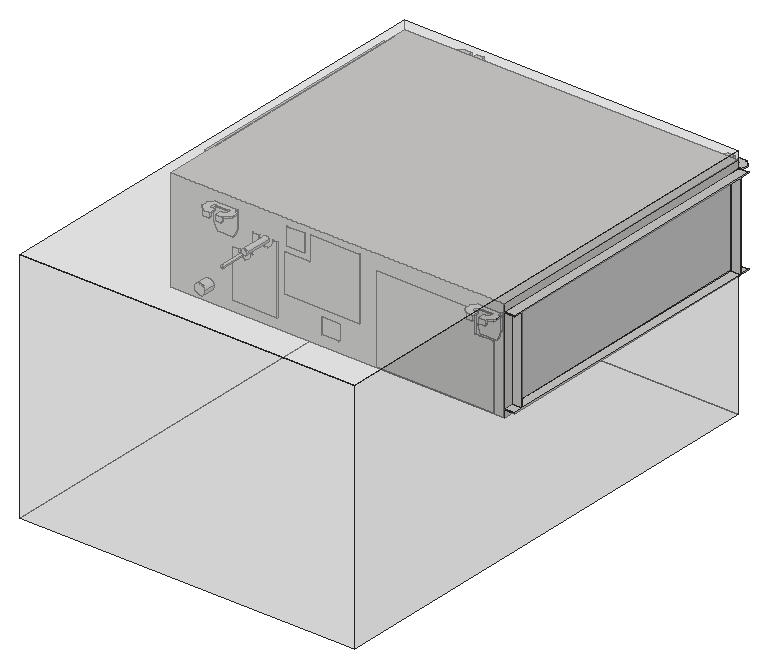
Revit family "outputfile", category 機械設備, Revit 2024
Family settings
  丸型コネクタ寸法 = 半径を使用
  パーツ タイプ = 標準
  OmniClass 番号 = 23.75.10.24.21.27.27
  OmniClass タイトル = Split System Air Conditioning Units
  作業面ベース = いいえ
  常に垂直 = はい
  ロード時にボイドで切り取り = いいえ
  注釈の向きを維持 = いいえ
  共有 = いいえ
  部屋計算ポイント = はい
Parameters (values of type "FBFC18DV2S")
  Description = ""
  製造元 = "Daikin"
  書き出し IFC クラス(タイプ) = "IfcUnitaryEquipmentType"
  定義済み IFC タイプ(タイプ) = "AIRCONDITIONINGUNIT"
  Cost = 0
  モデル = "FBFC18DV2S"
  Type Comments = ""
  Keynote = ""
  Type Image = (empty or 0)
  Assembly Code = ""
  switch_frequency = yes
  r_Liquid Pipe Size = Liquid Pipe Size / 2  # 3.2 mm
  r_Gas Pipe Size = Gas Pipe Size / 2  # 6.35 mm
  r_Drain Pipe Size = Drain Pipe Size / 2  # 12.5 mm
  lw_power = 770.0 mm  # constant formula
  lh_SA = 138.0 mm  # constant formula
  lw_SA = if(Depth = 550.0 mm, 225.0 mm, if(Depth = 700.0 mm, 300.0 mm, if(Depth = 1000.0 mm, 450.0 mm, if(Depth = 1400.0 mm, 650.0 mm, 725.0 mm))))  # 300.0 mm
  lw_RA = if(Depth = 550.0 mm, 275.0 mm, if(Depth = 700.0 mm, 349.0 mm, if(Depth = 1000.0 mm, 499.0 mm, if(Depth = 1400.0 mm, 699.0 mm, 775.0 mm))))  # 349.0 mm
  lh_power = 60.0 mm + [h***]  # 60.0 mm
  lh_mountinghole1 = lh_mountinghole + [h***]  # 222.0 mm
  lh_RA = 123.0 mm  # constant formula
  ld_power = Depth / 2  # 350.0 mm
  connector_voltage = Voltage_50Hz  # 220 V
  connector_powerinput = [Power Input (Cooling)]  # 0.000 kW
  connector_phase = Phase_50Hz  # 1
  Voltage_comment_50Hz = "220 - 240"
  Voltage_50Hz = 220 V
  URL = ""
  Supply Air Direction [instance] = yes
  Sound Power Level_H speed (dB) = 0
  Phase_50Hz = 1
  Minimum External Static Pressure = 30.00 Pa
  Minimum Circuit Amps_50Hz = 0.0 A
  Maximum Fuse Amps_50Hz = 0.0 A
  Maximum External Static Pressure = 130.00 Pa
  Material_Casing = DAIKIN_GalvanizedSteel_Casing_indoorunit
  lw_mountinghole = 630.0 mm  # constant formula
  lh_gaspipe = 183.0 mm + [h***]  # 183.0 mm
  lh_mountinghole = 222.0 mm  # constant formula
  lh_liquidpipe = 136.0 mm + [h***]  # 136.0 mm
  lh_drainpipe = 38.0 mm + [h***]  # 38.0 mm
  lh_antena = Height - lh_mountinghole + 1.0 mm  # 24.0 mm
  ld_drainpipe = Depth / 2 + 26.0 mm  # 376.0 mm
  ld_liquidpipe = Depth / 2 + 69.0 mm  # 419.0 mm
  ld_gaspipe = Depth / 2 + 65.0 mm  # 415.0 mm
  ld_mountinghole = Depth + 38.0 mm  # 738.0 mm
  h*** = 0.0 mm  # constant formula
  lw_liquidpipe = 179.0 mm  # constant formula
  lw_gaspipe = 229.0 mm  # constant formula
  lw_drainpipe = 91.0 mm  # constant formula
  Width = 800.0 mm
  Version = "ver.1.0"
  Unit Type = "M.S.P. Duct"
  Unit Mass Weight = 26.00 kg
  Unit Designation [instance] = ""
  Uniclass2015Version = "Products v1.30"
  Uniclass2015Title = "Split coil room air conditioning units"
  Uniclass2015Code = "Pr_70_65_03_86"
  Total Cooling Capacity [instance] = 0.000 kW
  Sound Pressure Level_M speed (dBA) = 35
  Sound Pressure Level_L speed (dBA) = 30
  Sound Pressure Level_H speed (dBA) = 37
  Series = "SkyAir_Fan Coil Unit"
  Sensible Cooling Capacity [instance] = 0.000 kW
  SA Duct Size Width = 492.0 mm
  SA Duct Size Height = 176.0 mm
  Refrigerant Type = "R32"
  RA Duct Size Width = 654.0 mm
  RA Duct Size Height = 208.0 mm
  Power Input (Cooling) = 0.000 kW
  Option Accessory 3 [instance] = ""
  Option Accessory 2 [instance] = ""
  Option Accessory 1 [instance] = ""
  Nominal Cooling Capacity = 5.300 kW
  Minimum Airflow = 540.00 m³/h
  Median Airflow = 720.00 m³/h
  Maximum Airflow = 930.00 m³/h
  Load Classification = HVAC
  Liquid Pipe Size = 6.4 mm
  Link_Nested Family [instance] = ""
  IfcVersion = ""
  IfcExportType = "AIRCONDITIONINGUNIT"
  IfcExportAs = "IfcUnitaryEquipmentType"
  Height = 245.0 mm
  Heat Exchanger Type = "Cross Fin Coil"
  Gas Pipe Size = 12.7 mm
  Frequency_50Hz = 50 Hz
  Fan Type = "Sirocco Fan"
  Fan Drive = "Direct Drive"
  FCU Tag No. [instance] = ""
  Drain Pipe Size = 25.0 mm
  Design Supply Airflow [instance] = 0.00 m³/h
  Design Return Airflow [instance] = 0.00 m³/h
  Design External Static Pressure [instance] = 0.00 Pa
  Depth = 700.0 mm
  既定の高さ = 0.0 mm
  Cooling Entering Wet Bulb Temperature [instance] = 0.00 °C
  Cooling Entering Dry Bulb Temperature [instance] = 0.00 °C
  Cooling Ambient Wet Bulb Temperature [instance] = 0.00 °C
  Cooling Ambient Dry Bulb Temperature [instance] = 0.00 °C
  Clearance visibility [instance] = yes
  Clearance Top = 20.0 mm
  Clearance Right = 0.0 mm
  Clearance Rear = 0.0 mm
  Clearance Left = 0.0 mm
  Clearance Front = 450.0 mm
  Clearance Bottom = 300.0 mm
Reference planes
  plane 1 "Center (Front/Back)": y = 0
  plane 2 "h": z = 0
  plane 3 "Center (Left/Right)": x = 0
  plane 4 "Back": y = 350
  plane 5 "Front": y = -350
  plane 6 "Left": x = -400
  plane 7 "Right": x = 400
  plane 8 "Top": z = 0
  plane 9 "Bottom": z = -245
  plane 10: y = -215
  plane 11: y = 350
  plane 12: y = -800
  plane 13: x = -400
  plane 14: x = 400
  plane 15: z = 20
  plane 16: z = -545
  plane 17: x = -400
  plane 18: x = -399
  plane 19: x = 399
  plane 20: y = 50
  plane 21: y = -1
  plane 22: z = -122
  plane 23: y = -351
  plane 24: z = -109
  plane 25: x = -221
  plane 26: y = -415
  plane 27: z = -62
  plane 28: x = -171
  plane 29: y = -376
  plane 30: z = -207
  plane 31: x = -309
  plane 32: x = -309
  plane 33: x = -221
  plane 34: x = -171
  plane 35: x = 370
  plane 36: x = -266
  plane 37: x = 364
  plane 38: y = -369
  plane 39: y = 369
  plane 40: z = -23
  plane 41: z = -107
  plane 42: y = -419
  plane 43: y = -376
  plane 44: x = -251
  plane 45: x = -203
  plane 46: x = -144
  plane 47: z = -59
  plane 48: z = -106
  plane 49: z = -221
  plane 50: z = -109
  plane 51: x = -221
  plane 52: z = -62
  plane 53: x = -171
  plane 54: z = -17
  plane 55: z = -59
  plane 56: x = -121
  plane 57: x = -79
  plane 58: x = -125
  plane 59: x = -64
  plane 60: x = 53
  plane 61: z = -164
  plane 62: z = -73
  plane 63: z = -16
  plane 64: x = 93.5
  plane 65: x = 374.5
  plane 66: x = 330
  plane 67: z = -88.5
  plane 68: z = -38
  plane 69: z = -242.5
  plane 70: x = -38.5
  plane 71: x = 6.5
  plane 72: z = -181
  plane 73: z = -221
  plane 74: y = -349
  plane 75: x = -424
  plane 76: x = 424
Forms (mm)
  Extrusion 1, solid, material "DAIKIN_GalvanizedSteel_Casing_indoorunit" <- "Material_Casing"
    sketch origin (0, 0, 0) x (1, 0, 0) y (0, 1, 0)
      loop
        line (-399, 350) -> (-399, -350) -> (399, -350) -> (399, 350) -> (-399, 350)
    from -245 to 0
  Extrusion 2, solid, material "DAIKIN_GalvanizedSteel_Casing_indoorunit" <- "Material_Casing"
    sketch origin (0, 0, 0) x (1, 0, 0) y (0, 0, 1)
      loop
        line (-251, -221) -> (-144, -221) -> (-144, -59) -> (-154.47, -59)
        arc (-154.47, -59) -> (-171, -78.8) -> (-187.53, -59) r 16.8
        line (-187.53, -59) -> (-203, -59) -> (-203, -106) -> (-206.916, -106)
        arc (-206.916, -106) -> (-221, -123.4) -> (-235.084, -106) r 14.4
        line (-235.084, -106) -> (-251, -106) -> (-251, -221)
    from 350 to 351
  Extrusion 3, solid, material "DAIKIN_GalvanizedSteel_Casing_indoorunit" <- "Material_Casing"
    sketch origin (0, 0, 0) x (1, 0, 0) y (0, 0, 1)
      loop
        line (-121, -17) -> (-121, -59) -> (-79, -59) -> (-79, -17) -> (-121, -17)
      loop
        line (-125, -73) -> (-125, -164) -> (53, -164) -> (53, -16) -> (-64, -16) -> (-64, -73) -> (-125, -73)
    from 350 to 351
  Extrusion 4, solid, material "DAIKIN_GalvanizedSteel_Casing_indoorunit" <- "Material_Casing"
    sketch origin (0, 0, 0) x (1, 0, 0) y (0, 0, 1)
      loop
        line (93.5, -38) -> (93.5, -242.5) -> (374.5, -242.5) -> (374.5, -88.5) -> (330, -88.5) -> (330, -38) -> (93.5, -38)
    from 350 to 351
  Extrusion 5, solid, material "DAIKIN_GalvanizedSteel_Casing_indoorunit" <- "Material_Casing"
    sketch origin (0, 0, 0) x (1, 0, 0) y (0, 0, 1)
      loop
        circle (-221, -109) r 3.2
    from 350 to 419
  Extrusion 6, solid, material "DAIKIN_GalvanizedSteel_Casing_indoorunit" <- "Material_Casing"
    sketch origin (0, 0, 0) x (1, 0, 0) y (0, 0, 1)
      loop
        circle (-171, -62) r 6.35
    from 350 to 415
  Extrusion 7, solid, material "DAIKIN_GalvanizedSteel_Casing_indoorunit" <- "Material_Casing"
    sketch origin (0, 0, 0) x (1, 0, 0) y (0, 0, 1)
      loop
        circle (-309, -207) r 12.5
    from 350 to 376
  Extrusion 8, void
    sketch origin (0, 0, 0) x (1, 0, 0) y (0, 0, 1)
      loop
        line (-38.5, -181) -> (-38.5, -221) -> (6.5, -221) -> (6.5, -181) -> (-38.5, -181)
    from 349 to 350
Cuts and joins
  Extrusion 8 cuts Extrusion 1
Dimensions and locks
  "Height": plane 8 "Top" to plane 9 "Bottom"
  equal spacing: plane 4 "Back", plane 1 "Center (Front/Back)", plane 5 "Front"
  "Depth": plane 4 "Back" to plane 5 "Front"
  equal spacing: plane 6 "Left", plane 3 "Center (Left/Right)", plane 7 "Right"
  "Width": plane 6 "Left" to plane 7 "Right"
  "Clearance Left": plane 13 to plane 6 "Left"
  "Clearance Right": plane 7 "Right" to plane 14
  "Clearance Rear": plane 11 to plane 4 "Back"
  "Clearance Front": plane 5 "Front" to plane 12
  "Clearance Top": plane 15 to plane 8 "Top"
  "Clearance Bottom": plane 9 "Bottom" to plane 16
  locked: plane 17 to plane 18 at 1
  locked: plane 19 to plane 14 at 1
  "lw_SA": plane 11 to plane 20
  "lw_RA": plane 21 to plane 5 "Front"
  "lh_RA": plane 22 to plane 9 "Bottom"
  locked: plane 5 "Front" to plane 23 at 1
  "lw_liquidpipe": plane 25 to plane 6 "Left"
  "lh_liquidpipe": plane 24 to plane 9 "Bottom"
  "lh_gaspipe": plane 27 to plane 9 "Bottom"
  "lw_gaspipe": plane 28 to plane 6 "Left"
  "ld_gaspipe": plane 26 to plane 1 "Center (Front/Back)"
  "ld_drainpipe": plane 29 to plane 1 "Center (Front/Back)"
  "lh_drainpipe": plane 30 to plane 9 "Bottom"
  "lw_drainpipe": plane 31 to plane 6 "Left"
  "lw_drainpipe": plane 6 "Left" to plane 32
  "lw_liquidpipe": plane 6 "Left" to plane 33
  "lw_gaspipe": plane 6 "Left" to plane 34
  "lw_power": plane 6 "Left" to plane 35
  locked: plane 17 to plane 36 at 134
  "lw_mountinghole": plane 36 to plane 37
  equal spacing: plane 38, plane 1 "Center (Front/Back)", plane 39
  "ld_mountinghole": plane 39 to plane 38
  "lh_mountinghole": plane 40 to plane 9 "Bottom"
  "lh_SA": plane 41 to plane 9 "Bottom"
  locked: plane 5 "Front" to plane 43 at 26
  plane 46 to plane 45 to plane 44 to plane 6 "Left" = 59.0 mm, 48.0 mm, 149.0 mm
  plane 8 "Top" to plane 47 to plane 48 to plane 49 = 59.0 mm locked, 47.0 mm locked, 115.0 mm locked
  plane 53 to plane 51 to plane 6 "Left" = 50.0 mm locked, 179.0 mm locked
  plane 52 to plane 50 to plane 9 "Bottom" = 47.0 mm locked, 136.0 mm locked
  plane 57 to plane 56 to plane 6 "Left" = 42.0 mm locked, 279.0 mm locked
  plane 8 "Top" to plane 54 to plane 55 = 17.0 mm locked, 42.0 mm locked
  plane 60 to plane 59 to plane 58 to plane 6 "Left" = 117.0 mm, 61.0 mm, 275.0 mm
  plane 8 "Top" to plane 63 to plane 62 = 16.0 mm locked, 57.0 mm locked
  locked: plane 63 to plane 61 at 148
  plane 8 "Top" to plane 68 to plane 67 to plane 69 = 38.0 mm locked, 50.5 mm locked, 154.0 mm locked
  plane 65 to plane 66 to plane 64 to plane 6 "Left" = 44.5 mm locked, 236.5 mm locked, 493.5 mm locked
  plane 8 "Top" to plane 72 to plane 73 = 181.0 mm locked, 40.0 mm locked
  plane 71 to plane 70 to plane 6 "Left" = 45.0 mm, 361.5 mm
  locked: plane 74 to plane 5 "Front" at 1
  locked: plane 75 to plane 17 at 24
  locked: plane 14 to plane 76 at 24
  "ld_liquidpipe": plane 42 to plane 1 "Center (Front/Back)"
  "r_Liquid Pipe Size": radius of Extrusion 5 sketch curve
  "r_Gas Pipe Size": radius of Extrusion 6 sketch curve
  "r_Drain Pipe Size": radius of Extrusion 7 sketch curve
  aligned and locked: level to plane 2 "h"
  aligned and locked: plane 8 "Top" to Extrusion 1
  aligned and locked: Extrusion 1 to plane 9 "Bottom"
  aligned and locked: nested 5 to plane 12
  aligned and locked: plane 13 to nested 5
  aligned and locked: plane 14 to nested 5
  aligned and locked: nested 5 to plane 13
  aligned and locked: plane 11 to nested 5
  aligned and locked: plane 15 to nested 5
  aligned and locked: plane 16 to nested 5
  aligned and locked: plane 5 "Front" to Extrusion 1 sketch curve
  aligned and locked: Extrusion 1 to plane 18
  aligned and locked: plane 19 to Extrusion 1
  aligned and locked: nested 7 to plane 18
  aligned and locked: nested 7 to plane 20
  aligned and locked: plane 19 to nested 8
  aligned and locked: plane 21 to nested 8
  aligned and locked: plane 22 to nested 8
  aligned and locked: Extrusion 2 to plane 23
  aligned and locked: plane 5 "Front" to Extrusion 2
  aligned and locked: Extrusion 3 to plane 23
  aligned and locked: plane 5 "Front" to Extrusion 3
  aligned and locked: plane 5 "Front" to Extrusion 4
  aligned and locked: Extrusion 5 sketch curve to plane 25
  aligned and locked: plane 24 to Extrusion 5 sketch curve
  aligned and locked: plane 5 "Front" to Extrusion 5
  aligned and locked: Extrusion 6 sketch curve to plane 28
  aligned and locked: plane 27 to Extrusion 6 sketch curve
  aligned and locked: plane 5 "Front" to Extrusion 6
  aligned and locked: Extrusion 7 sketch curve to plane 31
  aligned and locked: plane 30 to Extrusion 7 sketch curve
  aligned and locked: Extrusion 7 to plane 29
  aligned and locked: nested 3 to plane 29
  aligned and locked: plane 32 to nested 3
  aligned and locked: nested 2 to plane 33
  aligned and locked: nested 1 to plane 34
  aligned and locked: Extrusion 6 to plane 26
  aligned and locked: nested 1 to plane 26
  aligned and locked: nested 6 to plane 5 "Front"
  aligned and locked: nested 6 to plane 35
  aligned and locked: plane 36 to nested 10
  aligned and locked: nested 10 to plane 5 "Front"
  aligned and locked: plane 37 to nested 9
  aligned and locked: nested 9 to plane 5 "Front"
  aligned and locked: nested 11 to plane 36
  aligned and locked: plane 4 "Back" to nested 11
  aligned and locked: nested 12 to plane 37
  aligned and locked: plane 4 "Back" to nested 12
  aligned and locked: plane 40 to nested 10
  aligned and locked: plane 40 to nested 11
  aligned and locked: plane 40 to nested 9
  aligned and locked: plane 40 to nested 12
  aligned and locked: plane 36 to nested 14
  aligned and locked: nested 14 to plane 39
  aligned and locked: plane 37 to nested 13
  aligned and locked: nested 13 to plane 39
  aligned and locked: plane 37 to nested 16
  aligned and locked: plane 38 to nested 16
  aligned and locked: plane 38 to nested 15
  aligned and locked: plane 36 to nested 15
  aligned and locked: plane 17 to plane 6 "Left"
  aligned and locked: plane 41 to nested 7
  aligned and locked: Extrusion 5 to plane 42
  aligned and locked: nested 2 to plane 42
  aligned and locked: Extrusion 3 sketch curve to plane 54
  aligned and locked: Extrusion 3 sketch curve to plane 56
  aligned and locked: plane 55 to Extrusion 3 sketch curve
  aligned and locked: plane 57 to Extrusion 3 sketch curve
  aligned and locked: Extrusion 4 to plane 23
  aligned and locked: Extrusion 8 sketch curve to plane 72
  aligned and locked: plane 73 to Extrusion 8 sketch curve
  aligned and locked: plane 71 to Extrusion 8 sketch curve
  aligned and locked: plane 5 "Front" to Extrusion 8
  aligned and locked: plane 74 to Extrusion 8
  aligned and locked: nested 17 to plane 20
  aligned and locked: nested 17 to plane 75
  aligned and locked: plane 21 to nested 18
  aligned and locked: plane 76 to nested 18
  aligned and locked: plane 41 to nested 17
  aligned and locked: nested 18 to plane 22
  aligned and locked: nested 4 to plane 3 "Center (Left/Right)"
  aligned and locked: plane 1 "Center (Front/Back)" to nested 4
  aligned and locked: level to plane 8 "Top"
  aligned and locked: plane 5 "Front" to Extrusion 7
Automatic sketch dimensions
  plane 6 "Left" to Extrusion 1 sketch curve = 1.0 mm
  Extrusion 1 sketch curve to plane 7 "Right" = 1.0 mm
  Extrusion 1 sketch curve to plane 4 "Back" = 0.0 mm
  Extrusion 2 sketch curve to plane 44 = 0.0 mm
  Extrusion 2 sketch curve to plane 33 = 0.0 mm
  Extrusion 2 sketch curve to plane 45 = 0.0 mm
  Extrusion 2 sketch curve to plane 34 = 0.0 mm
  Extrusion 2 sketch curve to plane 46 = 0.0 mm
  Extrusion 2 sketch curve to plane 49 = 0.0 mm
  Extrusion 2 sketch curve to plane 50 = 0.0 mm
  Extrusion 2 sketch curve to plane 48 = 0.0 mm  (x3)
  Extrusion 2 sketch curve to plane 52 = 0.0 mm
  Extrusion 2 sketch curve to plane 47 = 0.0 mm  (x3)
  plane 33 to Extrusion 2 sketch curve = 14.084 mm
  plane 34 to Extrusion 2 sketch curve = 16.53 mm
  Extrusion 3 sketch curve to plane 58 = 0.0 mm
  Extrusion 3 sketch curve to plane 59 = 0.0 mm
  Extrusion 3 sketch curve to plane 60 = 0.0 mm
  Extrusion 3 sketch curve to plane 61 = 0.0 mm
  Extrusion 3 sketch curve to plane 62 = 0.0 mm
  Extrusion 3 sketch curve to plane 63 = 0.0 mm
  Extrusion 4 sketch curve to plane 64 = 0.0 mm
  Extrusion 4 sketch curve to plane 66 = 0.0 mm
  Extrusion 4 sketch curve to plane 65 = 0.0 mm
  Extrusion 4 sketch curve to plane 69 = 0.0 mm
  Extrusion 4 sketch curve to plane 67 = 0.0 mm
  Extrusion 4 sketch curve to plane 68 = 0.0 mm
  Extrusion 8 sketch curve to plane 70 = 0.0 mm
Nested families
  nested 1: "daikin_connector_rotate2" at (-171, 0, -62), length <- "ld_gaspipe", built-in parameter 1001364 <- "lh_gaspipe", radius <- "r_Gas Pipe Size", type "daikin_connector_rotate2"
    with radius 6.35 mm, length 415.0 mm, angle_vertical 90.00°
  nested 2: "daikin_connector_rotate2" at (-221, 0, -109), length <- "ld_liquidpipe", built-in parameter 1001364 <- "lh_liquidpipe", radius <- "r_Liquid Pipe Size", type "daikin_connector_rotate2"
    with radius 3.2 mm, length 419.0 mm, angle_vertical 90.00°
  nested 3: "daikin_connector_rotate2" at (-309, 0, -207), length <- "ld_drainpipe", built-in parameter 1001364 <- "lh_drainpipe", radius <- "r_Drain Pipe Size", type "daikin_connector_rotate2"
    with radius 12.5 mm, length 376.0 mm, angle_vertical 90.00°
  nested 4: "daikin_△_symbolicline" at (0, 0, 245) x (0, -1, 0) z (0, 0, 1), built-in parameter 1001364 <- "Height", visible <- "Supply Air Direction", type "daikin_△_symbolicline"
    with length 200.0 mm
  nested 5: "daikin_clearancespace" at (0, -225, -262.381), visible <- "Clearance visibility", show <- "Clearance visibility", Link_Nested Family <- "Link_Nested Family", type "daikin_clearancespace"
    with width 800.0 mm, show yes, height 565.0 mm, depth 1150.0 mm, Link_Nested Family ""
  nested 6: "daikin_connector_rotate2" at (370, 0, -185), built-in parameter 1001364 <- "lh_power", length <- "ld_power", type "daikin_connector_rotate2"
    with radius 10.0 mm, length 350.0 mm, angle_vertical 90.00°
  nested 7: "daikin_ductflange_FBFC-DV2S2" at (-399, 50, -107) x (0, -1, 0) z (0, 0, 1), type "daikin_ductflange_FBFC-DV2S2"
    with width 492.0 mm, w 700.0 mm
  nested 8: "daikin_ductflange_FBFC-DV2S" at (399, -1, -122) x (0, 1, 0) z (0, 0, 1), type "daikin_ductflange_FBFC-DV2S"
  nested 9: "daikin_hangerfixture_FBFC-DV2S" at (364, -350, -23), type "daikin_hangerfixture_FBFC-DV2S"
  nested 10: "daikin_hangerfixture_FBFC-DV2S" at (-266, -350, -23), type "daikin_hangerfixture_FBFC-DV2S"
  nested 11: "daikin_hangerfixture_FBFC-DV2S" at (-266, 350, -23) x (-1, 0, 0) z (0, 0, 1), type "daikin_hangerfixture_FBFC-DV2S"
  nested 12: "daikin_hangerfixture_FBFC-DV2S" at (364, 350, -23) x (-1, 0, 0) z (0, 0, 1), type "daikin_hangerfixture_FBFC-DV2S"
  nested 13: "daikin_mountinghole" at (364, 369, -245), h_mountinghole <- "lh_mountinghole1", l_antenna <- "lh_antena", Link_Nested Family <- "Link_Nested Family", type "daikin_mountinghole"
    with show yes, l_antenna 24.0 mm, h_mountinghole 222.0 mm, Link_Nested Family ""
  nested 14: "daikin_mountinghole" at (-266, 369, -245), h_mountinghole <- "lh_mountinghole1", l_antenna <- "lh_antena", Link_Nested Family <- "Link_Nested Family", type "daikin_mountinghole"
    with show yes, l_antenna 24.0 mm, h_mountinghole 222.0 mm, Link_Nested Family ""
  nested 15: "daikin_mountinghole" at (-266, -369, -245), h_mountinghole <- "lh_mountinghole1", l_antenna <- "lh_antena", Link_Nested Family <- "Link_Nested Family", type "daikin_mountinghole"
    with show yes, l_antenna 24.0 mm, h_mountinghole 222.0 mm, Link_Nested Family ""
  nested 16: "daikin_mountinghole" at (364, -369, -245), h_mountinghole <- "lh_mountinghole1", l_antenna <- "lh_antena", Link_Nested Family <- "Link_Nested Family", type "daikin_mountinghole"
    with show yes, l_antenna 24.0 mm, h_mountinghole 222.0 mm, Link_Nested Family ""
  nested 17: "daikin_connector_rotate2" at (-400, 50, -107) x (0, -1, 0) z (0, 0, 1), type "daikin_connector_rotate2"
    with radius 10.0 mm, length 24.0 mm, angle_vertical 90.00°
  nested 18: "daikin_connector_rotate2" at (400, -1, -122) x (0, 1, 0) z (0, 0, 1), type "daikin_connector_rotate2"
    with radius 10.0 mm, length 24.0 mm, angle_vertical 90.00°
Connectors
  piping at (-309, -376, -207), diameter 25, driven by "r_Drain Pipe Size"
    settings: on nested 3, index 3, connector inside diameter 609.6 mm, connector length 0.0 mm, flow factor 0, pipe flow 0.00 m³/h, pressure drop 0.0 Pa, fitting loss kfactor 0, connector angle 0.00°, fixture units 0, engagement length 0.0 mm, angle of deflection 0.00°, flow configuration 1, flow direction 2, fitting loss method 4, system type 16, joint type 0, gender type 0, connector reference index -1, connector utility 0, adjustable connector no, is connector primary yes, connector description "Condensate Drain Piping"
  piping at (-171, -415, -62), diameter 12.7, driven by "r_Gas Pipe Size"
    settings: on nested 1, index 4, connector inside diameter 609.6 mm, connector length 0.0 mm, flow factor 0, pipe flow 0.00 m³/h, pressure drop 0.0 Pa, fitting loss kfactor 0, connector angle 0.00°, fixture units 0, engagement length 0.0 mm, angle of deflection 0.00°, flow configuration 1, flow direction 2, fitting loss method 0, system type 29, joint type 0, gender type 0, connector reference index -1, connector utility 0, adjustable connector no, is connector primary no, connector description "Refrigerant Gas Piping"
  piping at (-221, -419, -109), diameter 6.4, driven by "r_Liquid Pipe Size"
    settings: on nested 2, index 5, connector inside diameter 609.6 mm, connector length 0.0 mm, flow factor 0, pipe flow 0.00 m³/h, pressure drop 0.0 Pa, fitting loss kfactor 0, connector angle 0.00°, fixture units 0, engagement length 0.0 mm, angle of deflection 0.00°, flow configuration 1, flow direction 1, fitting loss method 0, system type 29, joint type 0, gender type 0, connector reference index -1, connector utility 0, adjustable connector no, is connector primary no, connector description "Refrigerant Liquid Piping"
  electrical at (370, -350, -185), driven by "Load Classification", driven by "connector_powerinput", driven by "connector_phase", driven by "connector_voltage"
    settings: on nested 6, index 6, voltage 220 V, apparent load 0 VA, apparent load phase1 0 VA, apparent load phase2 0 VA, apparent load phase3 0 VA, power factor 1, load classification "HVAC", number of poles 1, system type 30, power factor state 1, is connector primary yes, connector utility no, sub classification motor no, connector description "Power Supply"
  hvac at (-424, 50, -107), driven by "SA Duct Size Height", driven by "SA Duct Size Width"
    settings: on nested 17, index 7, duct flow 0.00 m³/h, flow factor 0, pres drop 0.00 Pa, loss coef 0, conn angle 0.00°, conn width 492.0 mm, conn height 176.0 mm, conn diameter 609.6 mm, duct sys type 1, conn prof type 1, flow config 0, flow direction 2, loss method 4, conn ref index -1, conn util no, is conn primary yes, conn desc "SA Duct"
  hvac at (424, -1, -122), driven by "RA Duct Size Height", driven by "RA Duct Size Width"
    settings: on nested 18, index 8, duct flow 0.00 m³/h, flow factor 0, pres drop 0.00 Pa, loss coef 0, conn angle 0.00°, conn width 654.0 mm, conn height 208.0 mm, conn diameter 609.6 mm, duct sys type 2, conn prof type 1, flow config 0, flow direction 1, loss method 4, conn ref index -1, conn util no, is conn primary no, conn desc "RA Duct"
Definition of nested family "daikin_clearancespace"
  Parameters (values of type "daikin_clearancespace")
    Description = "daikin_clearancespace"
    width [instance] = 1823.963 mm
    show [instance] = yes
    material = none
    height [instance] = 1359.762 mm
    depth [instance] = 880.0 mm
    Default Elevation = 0.0 mm
    Link_Nested Family [instance] = ""
  Reference planes
    plane 1 "Center (Front/Back)": y = 0
    plane 2 "Center (Elevation)": z = -0.119
    plane 3 "Center (Left/Right)": x = 0
    plane 4: y = 440
    plane 5: y = -440
    plane 6 "Right": x = 911.982
    plane 7 "Left": x = -911.982
    plane 8 "Top": z = 679.762
    plane 9 "Bottom": z = -680
  Forms (mm)
    Extrusion 1, solid, material <- "material", visible <- "show"
      sketch origin (0, 0, 0) x (1, 0, 0) y (0, 1, 0)
        loop
          line (-911.982, 440) -> (-911.982, -440) -> (911.982, -440) -> (911.982, 440) -> (-911.982, 440)
      from -680 to 679.762
  Lines and regions (mm)
    symbolic lines, visible <- "show"
      curve 1: line (911.982, 440, 0) -> (-911.982, 440, 0)
      curve 2: line (-911.982, 440, 0) -> (-911.982, -440, 0)
      curve 3: line (-911.982, -440, 0) -> (911.982, -440, 0)
      curve 4: line (911.982, -440, 0) -> (911.982, 440, 0)
      curve 5: line (911.982, 0, 679.762) -> (-911.982, 0, 679.762)
      curve 6: line (911.982, 0, -680) -> (911.982, 0, 679.762)
      curve 7: line (-911.982, 0, -680) -> (911.982, 0, -680)
      curve 8: line (-911.982, 0, 679.762) -> (-911.982, 0, -680)
      curve 9: line (0, 440, 679.762) -> (0, -440, 679.762)
      curve 10: line (0, -440, 679.762) -> (0, -440, -680)
      curve 11: line (0, 440, -680) -> (0, 440, 679.762)
      curve 12: line (0, -440, -680) -> (0, 440, -680)
  Dimensions and locks
    "width": plane 7 "Left" to plane 6 "Right"
    "depth": plane 4 to plane 5
    "height": plane 8 "Top" to plane 9 "Bottom"
    equal spacing: plane 7 "Left", plane 3 "Center (Left/Right)", plane 6 "Right"
    equal spacing: plane 4, plane 1 "Center (Front/Back)", plane 5
    equal spacing: plane 8 "Top", plane 2 "Center (Elevation)", plane 9 "Bottom"
    aligned and locked: level to plane 2 "Center (Elevation)"
    aligned and locked: Extrusion 1 sketch curve to plane 4
    aligned and locked: plane 7 "Left" to Extrusion 1 sketch curve
    aligned and locked: Extrusion 1 sketch curve to plane 5
    aligned and locked: Extrusion 1 sketch curve to plane 6 "Right"
    aligned and locked: plane 8 "Top" to Extrusion 1
    aligned and locked: curve 1 to Extrusion 1
    aligned and locked: curve 2 to Extrusion 1
    aligned and locked: curve 3 to Extrusion 1
    aligned and locked: curve 4 to Extrusion 1
    aligned and locked: curve 5 to Extrusion 1
    aligned and locked: curve 6 to Extrusion 1
    aligned and locked: curve 7 to Extrusion 1
    aligned and locked: curve 8 to Extrusion 1
    aligned and locked: curve 9 to Extrusion 1
    aligned and locked: curve 10 to Extrusion 1
    aligned and locked: curve 11 to Extrusion 1
    aligned and locked: curve 12 to Extrusion 1
    aligned and locked: Extrusion 1 to plane 9 "Bottom"
Definition of nested family "daikin_ductflange_FBFC-DV2S2"
  Parameters (values of type "daikin_ductflange_FBFC-DVMG2")
    width = if(w = 550.0 mm, 337.0 mm, if(w = 700.0 mm, 492.0 mm, if(w = 1000.0 mm, 792.0 mm, if(w = 1400.0 mm, 1192.0 mm, 1337.0 mm))))  # 1192.0 mm
    material = none
    height = 215.0 mm
    depth = 1.0 mm
    w = 1400.0 mm
    Default Elevation = 0.0 mm
  Reference planes
    plane 1 "Center (Front/Back)": y = 0
    plane 2: z = 0
    plane 3 "Center (Left/Right)": x = 0
    plane 4: z = 88
    plane 5: z = -88
    plane 6: y = -25
    plane 7: z = 106
    plane 8: z = 89
    plane 9: y = -1
    plane 10: x = -617.5
    plane 11: x = 617.5
    plane 12: z = -106
    plane 13: z = -89
    plane 14: y = -1
    plane 15: x = 596
    plane 16: x = -596
    plane 17: x = 597
    plane 18: z = 87
    plane 19: z = -87
    plane 20: x = -597
    plane 21: z = 87
    plane 22: z = -87
    plane 23: y = -1
  Forms (mm)
    Extrusion 1, solid, material <- "material"
      sketch origin (0, 0, 0) x (0, 1, 0) y (0, 0, 1)
        loop
          line (-25, 88) -> (0, 88) -> (0, 106) -> (-1, 106) -> (-1, 89) -> (-25, 89) -> (-25, 88)
      from -617.5 to 617.5
    Extrusion 2, solid, material <- "material"
      sketch origin (0, 0, 0) x (0, 1, 0) y (0, 0, 1)
        loop
          line (-25, -88) -> (-25, -89) -> (-1, -89) -> (-1, -106) -> (0, -106) -> (0, -88) -> (-25, -88)
      from -617.5 to 617.5
    Extrusion 3, solid, material <- "material"
      sketch origin (0, 0, 0) x (1, 0, 0) y (0, 0, 1)
        loop
          line (596, 88) -> (596, -88) -> (617.5, -88) -> (617.5, -87) -> (597, -87) -> (597, 87) -> (617.5, 87) -> (617.5, 88) -> (596, 88)
      from 0 to 25
    Extrusion 4, solid, material <- "material"
      sketch origin (0, 0, 0) x (1, 0, 0) y (0, 0, 1)
        loop
          line (-617.5, 88) -> (-617.5, 87) -> (-597, 87) -> (-597, -87) -> (-617.5, -87) -> (-617.5, -88) -> (-596, -88) -> (-596, 88) -> (-617.5, 88)
      from 0 to 25
    Extrusion 5, solid, material <- "material"
      sketch origin (0, 0, 0) x (1, 0, 0) y (0, 0, 1)
        loop
          line (-617.5, 88) -> (-617.5, -88) -> (-596, -88) -> (-596, 88) -> (-617.5, 88)
        loop
          line (617.5, 88) -> (596, 88) -> (596, -88) -> (617.5, -88) -> (617.5, 88)
      from 0 to 1
  Cuts and joins
    joined: Extrusion 1, Extrusion 2, Extrusion 3, Extrusion 4, Extrusion 5
  Dimensions and locks
    plane 4 to level to plane 5 = 88.0 mm, 88.0 mm
    locked: plane 6 to plane 1 "Center (Front/Back)" at 25
    locked: plane 9 to plane 1 "Center (Front/Back)" at 1
    locked: plane 8 to plane 4 at 1
    locked: plane 16 to plane 10 at 21.5
    locked: plane 17 to plane 15 at 1
    locked: plane 4 to plane 18 at 1
    locked: plane 19 to plane 5 at 1
    "width": plane 15 to plane 16
    plane 4 to plane 5 = 176.0 mm
    locked: plane 16 to plane 20 at 1
    locked: plane 4 to plane 21 at 1
    locked: plane 22 to plane 5 at 1
    locked: plane 23 to plane 1 "Center (Front/Back)" at 1
    plane 4 to level to plane 5 = 88.0 mm locked, 88.0 mm locked
    locked: plane 5 to plane 13 at 1
    locked: plane 5 to plane 12 at 18
    locked: plane 7 to plane 4 at 18
    equal spacing: plane 15, plane 3 "Center (Left/Right)", plane 16
    locked: plane 11 to plane 15 at 21.5
    plane 11 to plane 10 = 1235.0 mm
    aligned and locked: level to plane 2
    aligned and locked: Extrusion 1 to plane 10
    aligned and locked: plane 11 to Extrusion 1
    aligned and locked: plane 5 to Extrusion 2
    aligned and locked: Extrusion 2 to plane 1 "Center (Front/Back)"
    aligned and locked: plane 15 to Extrusion 3 sketch curve
    aligned and locked: Extrusion 3 sketch curve to Extrusion 2  (x2)
    aligned and locked: Extrusion 3 sketch curve to plane 11
    aligned and locked: plane 6 to Extrusion 3
    aligned and locked: Extrusion 2 to plane 10
    aligned and locked: plane 11 to Extrusion 2
    aligned and locked: Extrusion 4 sketch curve to Extrusion 1  (x2)
    aligned and locked: plane 5 to Extrusion 4 sketch curve
    aligned and locked: Extrusion 4 sketch curve to plane 16
    aligned and locked: Extrusion 4 sketch curve to plane 22
    aligned and locked: plane 20 to Extrusion 4 sketch curve
    aligned and locked: plane 21 to Extrusion 4 sketch curve
    aligned and locked: Extrusion 4 to plane 1 "Center (Front/Back)"
    aligned and locked: plane 6 to Extrusion 4
    aligned and locked: Extrusion 5 sketch curve to Extrusion 1  (x4)
    aligned and locked: Extrusion 5 sketch curve to Extrusion 4  (x2)
    aligned and locked: Extrusion 5 sketch curve to Extrusion 3  (x2)
    aligned and locked: Extrusion 5 to plane 1 "Center (Front/Back)"
    aligned and locked: plane 23 to Extrusion 5
  Automatic sketch dimensions
    Extrusion 1 sketch curve to plane 6 = 0.0 mm
    Extrusion 1 sketch curve to plane 7 = 0.0 mm
    Extrusion 1 sketch curve to plane 9 = 0.0 mm
    Extrusion 1 sketch curve to plane 1 "Center (Front/Back)" = 0.0 mm
    Extrusion 1 sketch curve to plane 4 = 0.0 mm
    Extrusion 1 sketch curve to plane 8 = 0.0 mm
    Extrusion 2 sketch curve to plane 6 = 0.0 mm
    plane 12 to Extrusion 2 sketch curve = 0.0 mm
    Extrusion 2 sketch curve to plane 14 = 0.0 mm
    Extrusion 2 sketch curve to plane 1 "Center (Front/Back)" = 0.0 mm
    plane 13 to Extrusion 2 sketch curve = 0.0 mm
    Extrusion 2 sketch curve to plane 5 = 0.0 mm
    Extrusion 3 sketch curve to plane 17 = 0.0 mm
    Extrusion 3 sketch curve to plane 19 = 0.0 mm
    Extrusion 3 sketch curve to plane 18 = 0.0 mm
    Extrusion 3 sketch curve to plane 4 = 0.0 mm
    Extrusion 4 sketch curve to plane 10 = 0.0 mm
Definition of nested family "daikin_ductflange_FBFC-DV2S"
  Parameters (values of type "daikin_ductflange_FBFC-DVMG")
    width = if(w = 550.0 mm, 502.0 mm, if(w = 700.0 mm, 654.0 mm, if(w = 1000.0 mm, 952.0 mm, if(w = 1400.0 mm, 1352.0 mm, 1502.0 mm))))  # 654.0 mm
    material = none
    lw = if(width = 654.0 mm, 23.0 mm, 25.0 mm)  # 23.0 mm
    height = 208.0 mm
    depth = 1.0 mm
    w = 700.0 mm
    Default Elevation = 0.0 mm
  Reference planes
    plane 1 "Center (Front/Back)": y = 0
    plane 2: z = 0
    plane 3 "Center (Left/Right)": x = 0
    plane 4: z = 104
    plane 5: z = -104
    plane 6: y = -25
    plane 7: z = 121
    plane 8: z = 105
    plane 9: y = -1
    plane 10: x = -350
    plane 11: x = 350
    plane 12: z = -122
    plane 13: z = -105
    plane 14: y = -1
    plane 15: x = 327
    plane 16: x = -327
    plane 17: x = 328
    plane 18: z = 103
    plane 19: z = -103
    plane 20: x = -328
    plane 21: z = 103
    plane 22: z = -103
    plane 23: y = -1
  Forms (mm)
    Extrusion 1, solid, material <- "material"
      sketch origin (0, 0, 0) x (0, 1, 0) y (0, 0, 1)
        loop
          line (-25, 104) -> (0, 104) -> (0, 121) -> (-1, 121) -> (-1, 105) -> (-25, 105) -> (-25, 104)
      from -350 to 350
    Extrusion 2, solid, material <- "material"
      sketch origin (0, 0, 0) x (0, 1, 0) y (0, 0, 1)
        loop
          line (-25, -104) -> (-25, -105) -> (-1, -105) -> (-1, -122) -> (0, -122) -> (0, -104) -> (-25, -104)
      from -350 to 350
    Extrusion 3, solid, material <- "material"
      sketch origin (0, 0, 0) x (1, 0, 0) y (0, 0, 1)
        loop
          line (327, 104) -> (327, -104) -> (350, -104) -> (350, -103) -> (328, -103) -> (328, 103) -> (350, 103) -> (350, 104) -> (327, 104)
      from 0 to 25
    Extrusion 4, solid, material <- "material"
      sketch origin (0, 0, 0) x (1, 0, 0) y (0, 0, 1)
        loop
          line (-350, 104) -> (-350, 103) -> (-328, 103) -> (-328, -103) -> (-350, -103) -> (-350, -104) -> (-327, -104) -> (-327, 104) -> (-350, 104)
      from 0 to 25
    Extrusion 5, solid, material <- "material"
      sketch origin (0, 0, 0) x (1, 0, 0) y (0, 0, 1)
        loop
          line (-350, 104) -> (-350, -104) -> (-327, -104) -> (-327, 104) -> (-350, 104)
        loop
          line (350, 104) -> (327, 104) -> (327, -104) -> (350, -104) -> (350, 104)
      from 0 to 1
  Cuts and joins
    joined: Extrusion 1, Extrusion 2, Extrusion 3, Extrusion 4, Extrusion 5
  Dimensions and locks
    plane 4 to level to plane 5 = 104.0 mm, 104.0 mm
    locked: plane 6 to plane 1 "Center (Front/Back)" at 25
    locked: plane 9 to plane 1 "Center (Front/Back)" at 1
    locked: plane 8 to plane 4 at 1
    "lw": plane 11 to plane 15
    "lw": plane 16 to plane 10
    locked: plane 17 to plane 15 at 1
    locked: plane 4 to plane 18 at 1
    locked: plane 19 to plane 5 at 1
    "width": plane 15 to plane 16
    equal spacing: plane 15, plane 3 "Center (Left/Right)", plane 16
    locked: plane 16 to plane 20 at 1
    locked: plane 4 to plane 21 at 1
    locked: plane 22 to plane 5 at 1
    locked: plane 23 to plane 1 "Center (Front/Back)" at 1
    locked: plane 7 to plane 4 at 17
    locked: plane 1 "Center (Front/Back)" to plane 14 at 1
    locked: plane 5 to plane 13 at 1
    "height": plane 4 to plane 5
    plane 11 to plane 10 = 700.0 mm
    locked: plane 12 to plane 13 at 17
    equal spacing: plane 4, level, plane 5
    aligned and locked: level to plane 2
    aligned and locked: Extrusion 1 to plane 10
    aligned and locked: plane 11 to Extrusion 1
    aligned and locked: plane 5 to Extrusion 2
    aligned and locked: Extrusion 2 to plane 1 "Center (Front/Back)"
    aligned and locked: plane 15 to Extrusion 3 sketch curve
    aligned and locked: Extrusion 3 sketch curve to Extrusion 2  (x2)
    aligned and locked: Extrusion 3 sketch curve to plane 11
    aligned and locked: plane 6 to Extrusion 3
    aligned and locked: Extrusion 2 to plane 10
    aligned and locked: plane 11 to Extrusion 2
    aligned and locked: Extrusion 4 sketch curve to Extrusion 1  (x2)
    aligned and locked: plane 5 to Extrusion 4 sketch curve
    aligned and locked: Extrusion 4 sketch curve to plane 16
    aligned and locked: Extrusion 4 sketch curve to plane 22
    aligned and locked: plane 20 to Extrusion 4 sketch curve
    aligned and locked: plane 21 to Extrusion 4 sketch curve
    aligned and locked: Extrusion 4 to plane 1 "Center (Front/Back)"
    aligned and locked: plane 6 to Extrusion 4
    aligned and locked: Extrusion 5 sketch curve to Extrusion 1  (x4)
    aligned and locked: Extrusion 5 sketch curve to Extrusion 4  (x2)
    aligned and locked: Extrusion 5 sketch curve to Extrusion 3  (x2)
    aligned and locked: Extrusion 5 to plane 1 "Center (Front/Back)"
    aligned and locked: plane 23 to Extrusion 5
  Automatic sketch dimensions
    Extrusion 1 sketch curve to plane 6 = 0.0 mm
    Extrusion 1 sketch curve to plane 7 = 0.0 mm
    Extrusion 1 sketch curve to plane 9 = 0.0 mm
    Extrusion 1 sketch curve to plane 1 "Center (Front/Back)" = 0.0 mm
    Extrusion 1 sketch curve to plane 4 = 0.0 mm
    Extrusion 1 sketch curve to plane 8 = 0.0 mm
    Extrusion 2 sketch curve to plane 6 = 0.0 mm
    plane 12 to Extrusion 2 sketch curve = 0.0 mm
    Extrusion 2 sketch curve to plane 14 = 0.0 mm
    Extrusion 2 sketch curve to plane 1 "Center (Front/Back)" = 0.0 mm
    plane 13 to Extrusion 2 sketch curve = 0.0 mm
    Extrusion 2 sketch curve to plane 5 = 0.0 mm
    Extrusion 3 sketch curve to plane 17 = 0.0 mm
    Extrusion 3 sketch curve to plane 19 = 0.0 mm
    Extrusion 3 sketch curve to plane 18 = 0.0 mm
    Extrusion 3 sketch curve to plane 4 = 0.0 mm
    Extrusion 4 sketch curve to plane 10 = 0.0 mm
Definition of nested family "daikin_hangerfixture_FBFC-DV2S"
  Parameters (values of type "daikin_hangerfixture_FXMQ-PAVE")
    width = 72.0 mm
    material = none
    height = 60.0 mm
    depth = 41.0 mm
    Default Elevation = 0.0 mm
  Reference planes
    plane 1 "Center (Front/Back)": y = 0
    plane 2: z = 0
    plane 3 "Center (Left/Right)": x = 0
    plane 4: y = 417.146
    plane 5: y = -41
    plane 6: x = -36
    plane 7: x = 36
    plane 8: z = -2.3
    plane 9: z = -60
    plane 10: y = -2.3
    plane 11: z = -12
    plane 12: y = -38.7
  Forms (mm)
    Extrusion 1, solid, material <- "material"
      sketch origin (0, 0, 0) x (1, 0, 0) y (0, 1, 0)
        loop
          line (-28, 0) -> (-28, -5)
          arc (-28, -5) -> (-29.127, -8.162) -> (-32, -9.899) r 5
          arc (-32, -9.899) -> (-34.873, -11.636) -> (-36, -14.798) r 5
          line (-36, -14.798) -> (-36, -27.178)
          arc (-36, -27.178) -> (-35.429, -29.499) -> (-33.846, -31.289) r 5
          line (-33.846, -31.289) -> (-23, -38.798) -> (-23, -41.098) -> (-6.5, -41.098) -> (-6.5, -28.498)
          arc (-6.5, -28.498) -> (-7.379, -26.377) -> (-9.5, -25.498) r 3
          line (-9.5, -25.498) -> (-13.5, -25.498)
          arc (-13.5, -25.498) -> (-20, -18.998) -> (-13.5, -12.498) r 6.5
          line (-13.5, -12.498) -> (13.5, -12.498)
          arc (13.5, -12.498) -> (20, -18.998) -> (13.5, -25.498) r 6.5
          line (13.5, -25.498) -> (9.5, -25.498)
          arc (9.5, -25.498) -> (7.379, -26.377) -> (6.5, -28.498) r 3
          line (6.5, -28.498) -> (6.5, -41.098) -> (23, -41.098) -> (23, -38.798) -> (33.846, -31.289)
          arc (33.846, -31.289) -> (35.429, -29.499) -> (36, -27.178) r 5
          line (36, -27.178) -> (36, -14.596)
          arc (36, -14.596) -> (34.873, -11.434) -> (32, -9.697) r 5
          arc (32, -9.697) -> (29.127, -7.96) -> (28, -4.798) r 5
          line (28, -4.798) -> (28, 0) -> (-28, 0)
      from 0 to -2.3
    Extrusion 2, solid, material <- "material"
      sketch origin (0, 0, 0) x (1, 0, 0) y (0, 0, 1)
        loop
          line (28, -39.037) -> (28, 0) -> (-28, 0) -> (-28, -39.037)
          arc (-28, -39.037) -> (-27.91, -39.983) -> (-27.642, -40.894) r 5
          line (-27.642, -40.894) -> (-21.257, -56.857)
          arc (-21.257, -56.857) -> (-19.418, -59.14) -> (-16.615, -60) r 5
          line (-16.615, -60) -> (16.615, -60)
          arc (16.615, -60) -> (19.418, -59.14) -> (21.257, -56.857) r 5
          line (21.257, -56.857) -> (27.642, -40.894)
          arc (27.642, -40.894) -> (27.91, -39.983) -> (28, -39.037) r 5
      from 0 to 2.3
    Extrusion 3, solid, material <- "material"
      sketch origin (0, 0, 0) x (1, 0, 0) y (0, 0, 1)
        loop
          line (-23, 0) -> (-23, -9)
          arc (-23, -9) -> (-22.121, -11.121) -> (-20, -12) r 3
          line (-20, -12) -> (-9.5, -12)
          arc (-9.5, -12) -> (-7.379, -11.121) -> (-6.5, -9) r 3
          line (-6.5, -9) -> (-6.5, 0) -> (-23, 0)
        loop
          line (23, 0) -> (6.5, 0) -> (6.5, -9)
          arc (6.5, -9) -> (7.379, -11.121) -> (9.5, -12) r 3
          line (9.5, -12) -> (20, -12)
          arc (20, -12) -> (22.121, -11.121) -> (23, -9) r 3
          line (23, -9) -> (23, 0)
      from 38.8 to 41.098
  Cuts and joins
    joined: Extrusion 1, Extrusion 2, Extrusion 3
  Dimensions and locks
    plane 2 to plane 8 = 2.3 mm
    "height": plane 2 to plane 9
    locked: plane 10 to plane 1 "Center (Front/Back)" at 2.3
    locked: plane 2 to plane 11 at 12
    locked: plane 12 to plane 5 at 2.3
    aligned and locked: level to plane 2
    aligned and locked: Extrusion 1 to plane 8
    aligned and locked: plane 2 to Extrusion 1
    aligned and locked: plane 2 to Extrusion 2 sketch curve
    aligned and locked: Extrusion 2 to plane 10
    aligned and locked: Extrusion 2 to plane 1 "Center (Front/Back)"
    aligned and locked: Extrusion 3 sketch curve to cut or joined group of Extrusion 1, Extrusion 2, Extrusion 3  (x3)
    aligned and locked: cut or joined group of Extrusion 1, Extrusion 2, Extrusion 3 to Extrusion 3
  Automatic sketch dimensions
    Extrusion 2 sketch curve to plane 7 = 8.0 mm
    Extrusion 2 sketch curve to plane 8 = 36.737 mm
    plane 6 to Extrusion 2 sketch curve = 19.385 mm
    Extrusion 1 sketch curve to plane 6 = 0.0 mm
    plane 1 "Center (Front/Back)" to Extrusion 1 sketch curve = 0.0 mm
    Extrusion 1 sketch curve to plane 7 = 0.0 mm
    plane 6 to Extrusion 1 sketch curve = 2.154 mm
    plane 6 to Extrusion 1 sketch curve = 3.0 mm
    Extrusion 1 sketch curve to Extrusion 1 sketch curve = 5.0 mm  (x3)
    Extrusion 1 sketch curve to plane 12 = 0.098 mm  (x2)
    Extrusion 1 sketch curve to Extrusion 1 sketch curve = 4.0 mm  (x2)
    Extrusion 1 sketch curve to plane 5 = 0.098 mm  (x2)
    Extrusion 1 sketch curve to plane 3 "Center (Left/Right)" = 6.5 mm
    plane 3 "Center (Left/Right)" to Extrusion 1 sketch curve = 6.5 mm
    Extrusion 1 sketch curve to Extrusion 1 sketch curve = 3.0 mm
    Extrusion 1 sketch curve to plane 7 = 8.0 mm
    Extrusion 1 sketch curve to plane 7 = 5.0 mm
    Extrusion 1 sketch curve to plane 7 = 3.0 mm
    Extrusion 1 sketch curve to plane 7 = 2.154 mm
    plane 12 to Extrusion 1 sketch curve = 7.411 mm  (x2)
    plane 12 to Extrusion 1 sketch curve = 10.202 mm  (x2)
    Extrusion 1 sketch curve to Extrusion 1 sketch curve = 6.5 mm  (x2)
    Extrusion 1 sketch curve to Extrusion 1 sketch curve = 12.38 mm
    Extrusion 1 sketch curve to plane 10 = 12.296 mm
    Extrusion 1 sketch curve to plane 10 = 2.7 mm
    Extrusion 1 sketch curve to plane 10 = 2.498 mm
    plane 6 to Extrusion 1 sketch curve = 4.0 mm
    Extrusion 1 sketch curve to Extrusion 1 sketch curve = 0.0 mm  (x2)
    Extrusion 1 sketch curve to plane 7 = 4.0 mm
    Extrusion 1 sketch curve to Extrusion 1 sketch curve = 4.111 mm
    Extrusion 3 sketch curve to level = 0.0 mm  (x2)
    Extrusion 3 sketch curve to plane 11 = 0.0 mm  (x2)
    plane 11 to Extrusion 3 sketch curve = 3.0 mm  (x2)
    plane 3 "Center (Left/Right)" to Extrusion 3 sketch curve = 6.5 mm
    Extrusion 3 sketch curve to Extrusion 3 sketch curve = 3.0 mm  (x2)
    Extrusion 2 sketch curve to plane 9 = 0.0 mm
    Extrusion 2 sketch curve to Extrusion 2 sketch curve = 11.385 mm
    plane 6 to Extrusion 2 sketch curve = 8.0 mm
    plane 9 to Extrusion 2 sketch curve = 20.963 mm
    Extrusion 2 sketch curve to Extrusion 2 sketch curve = 5.0 mm  (x2)
    plane 9 to Extrusion 2 sketch curve = 3.143 mm  (x3)
    Extrusion 2 sketch curve to Extrusion 2 sketch curve = 4.642 mm  (x2)
    Extrusion 2 sketch curve to Extrusion 2 sketch curve = 0.0 mm  (x2)
    Extrusion 2 sketch curve to Extrusion 2 sketch curve = 0.358 mm
    Extrusion 2 sketch curve to Extrusion 2 sketch curve = 1.857 mm  (x2)
Definition of nested family "daikin_connector_rotate2"
  Parameters (values of type "daikin_connector_rotate2")
    Default Elevation = 1219.2 mm
    show_face = no
    radius [instance] = 10.0 mm
    length [instance] = 600.0 mm
    d_surface = 10.0 mm
    angle_vertical [instance] = 90.00°
  Reference planes
    plane 1 "Center (Front/Back)": y = 0
    plane 2: z = 0
    plane 3 "Center (Left/Right)": x = 0
  Forms (mm)
    Extrusion 1, solid, visible <- "show_face"
      sketch origin (0, -600, 0) x (1, 0, 0) y (0, 0, 1)
        loop
          circle (0, 0) r 10
      from 0 to -10
  Lines and regions (mm)
    reference lines
      curve 1: line (0, 0, 0) -> (0, -600, 0)
    symbolic lines
      curve 2: circle (0, 0, 0) r 5 normal (0, 0, 1)
    model lines, visible <- "show_face"
      curve 3: line (0, 0, 0) -> (0, -600, 0)
  Dimensions and locks
    "length": curve 1 to curve 1
    "length": curve 3 to curve 3
    "d_surface": Extrusion 1 to Extrusion 1
    "radius": radius of Extrusion 1 sketch curve
    "angle_vertical": angle curve 1 to plane 1 "Center (Front/Back)"
    "angle_vertical": angle curve 3 to plane 1 "Center (Front/Back)"
    aligned and locked: level to plane 2
    aligned and locked: plane 1 "Center (Front/Back)" to curve 1
    aligned and locked: plane 2 to curve 1
    aligned and locked: plane 1 "Center (Front/Back)" to curve 2
    aligned and locked: plane 3 "Center (Left/Right)" to curve 2
    aligned and locked: plane 1 "Center (Front/Back)" to curve 3
    aligned and locked: plane 2 to curve 3
    aligned and locked: Extrusion 1 to Extrusion 1
  Automatic sketch dimensions
    Extrusion 1 sketch curve to level = 0.0 mm
    Extrusion 1 sketch curve to plane 3 "Center (Left/Right)" = 0.0 mm
    radius of curve 2 = 5.0 mm
Definition of nested family "daikin_△_symbolicline"
  Parameters (values of type "daikin_△_symbolicline")
    length [instance] = 200.0 mm
    Default Elevation = 0.0 mm
  Reference planes
    plane 1 "Center (Front/Back)": y = 0
    plane 2: z = 0
    plane 3 "Center (Left/Right)": x = 0
  Lines and regions (mm)
    symbolic lines
      curve 1: line (0, -173.205, 0) -> (100, 0, 0)
      curve 2: line (100, 0, 0) -> (-100, 0, 0)
      curve 3: line (-100, 0, 0) -> (0, -173.205, 0)
  Dimensions and locks
    equal spacing: curve 3, plane 3 "Center (Left/Right)", curve 2
    "length": curve 3 to curve 2
    "length": curve 3 to curve 3
    "length": curve 1 to curve 1
    aligned and locked: level to plane 2
    aligned and locked: curve 2 to plane 1 "Center (Front/Back)"
    aligned and locked: plane 3 "Center (Left/Right)" to curve 3
Definition of nested family "daikin_mountinghole"
  Parameters (values of type "daikin_mountinghole")
    Default Elevation = 1219.2 mm
    Type Comments = "mountinghole"
    show [instance] = yes
    material = none
    l_centerline = 100.0 mm
    l_antenna [instance] = 100.0 mm
    h_mountinghole [instance] = 0.0 mm
    d_circle = 30.0 mm
    Link_Nested Family [instance] = ""
  Reference planes
    plane 1 "Center (Front/Back)": y = 0
    plane 2: z = 0
    plane 3 "Center (Left/Right)": x = 0
    plane 4: y = 50
    plane 5: x = -50
    plane 6: x = 50
    plane 7: y = -50
    plane 8 "h_mountinghole": z = 0
    plane 9: z = 100
  Lines and regions (mm)
    model lines, detail levels fine
      curve 1: circle (0, 0, 0) r 15 normal (0, 0, 1)
      curve 2: line (-50, 0, 0) -> (50, 0, 0)
      curve 3: line (0, 50, 0) -> (0, -50, 0)
    symbolic lines, detail levels fine
      curve 4: circle (0, 0, 0) r 15 normal (0, 0, 1)
      curve 5: line (-50, 0, 0) -> (50, 0, 0)
      curve 6: line (0, 50, 0) -> (0, -50, 0)
    model lines
      curve 7: line (0, 0, 100) -> (0, 0, 0)
  Dimensions and locks
    equal spacing: plane 4, plane 1 "Center (Front/Back)", plane 7
    "l_centerline": plane 4 to plane 7
    equal spacing: plane 5, plane 3 "Center (Left/Right)", plane 6
    "l_centerline": plane 5 to plane 6
    "l_antenna": plane 9 to plane 8 "h_mountinghole"
    "h_mountinghole": plane 8 "h_mountinghole" to plane 2
    "d_circle": diameter of curve 1
    "d_circle": diameter of curve 4
    aligned and locked: level to plane 2
    aligned and locked: plane 1 "Center (Front/Back)" to curve 1
    aligned and locked: plane 3 "Center (Left/Right)" to curve 1
    aligned and locked: plane 1 "Center (Front/Back)" to curve 2
    aligned and locked: curve 3 to plane 3 "Center (Left/Right)"
    aligned and locked: plane 6 to curve 2
    aligned and locked: plane 5 to curve 2
    aligned and locked: plane 4 to curve 3
    aligned and locked: plane 7 to curve 3
    aligned and locked: plane 1 "Center (Front/Back)" to curve 4
    aligned and locked: plane 3 "Center (Left/Right)" to curve 4
    aligned and locked: plane 6 to curve 5
    aligned and locked: plane 5 to curve 5
    aligned and locked: plane 1 "Center (Front/Back)" to curve 5
    aligned and locked: plane 4 to curve 6
    aligned and locked: plane 7 to curve 6
    aligned and locked: curve 6 to plane 3 "Center (Left/Right)"
    aligned and locked: curve 7 to plane 3 "Center (Left/Right)"
    aligned and locked: plane 9 to curve 7
    aligned and locked: plane 8 "h_mountinghole" to curve 7
